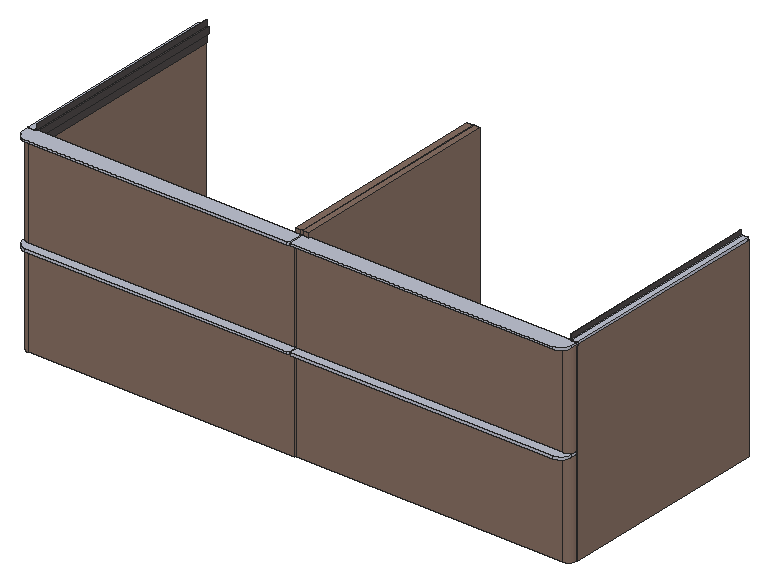
Revit family "vanity unit with 4 drawers for consoles with bowl", category Furniture, Revit 2019 (continued)
Definition of nested family "vanity unit 1560_550 with 4 drawers for consoles with bowl-54093700-dark walnut-matt_white-400_content"
  Forms (mm)
    Extrusion 12, solid, visible <- "ContentVisible", detail levels medium+fine
      sketch origin (0, 0, 245) x (1, 0, 0) y (0, 1, 0)
        loop
          arc (-780, -532) -> (-774.435, -545.435) -> (-761, -551) r 19
          line (-761, -551) -> (-2.5, -551)
          arc (-2.5, -551) -> (-1.793, -550.707) -> (-1.5, -550) r 1
          line (-1.5, -550) -> (-1.5, -530) -> (-780, -530) -> (-780, -532)
      from 0 to 235
    Extrusion 13, solid, visible <- "ContentVisible", detail levels medium+fine
      sketch origin (0, 0, 245) x (1, 0, 0) y (0, 1, 0)
        loop
          arc (1.5, -550) -> (1.793, -550.707) -> (2.5, -551) r 1
          line (2.5, -551) -> (761, -551)
          arc (761, -551) -> (774.435, -545.435) -> (780, -532) r 19
          line (780, -532) -> (780, -530) -> (1.5, -530) -> (1.5, -550)
      from 0 to 235
    Extrusion 14, solid, visible <- "ContentVisible", detail levels medium+fine
      sketch origin (0, 0, 480) x (1, 0, 0) y (0, 1, 0)
        loop
          line (-778.5, -530) -> (-778.5, -546)
          arc (-778.5, -546) -> (-771.178, -563.678) -> (-753.5, -571) r 25
          line (-753.5, -571) -> (-4.5, -571)
          arc (-4.5, -571) -> (-2.379, -570.121) -> (-1.5, -568) r 3
          line (-1.5, -568) -> (-1.5, -528.5) -> (-758.5, -528.5) -> (-758.5, -530) -> (-778.5, -530)
      from 0 to 5
    Extrusion 15, solid, visible <- "ContentVisible", detail levels medium+fine
      sketch origin (0, 0, 480) x (1, 0, 0) y (0, 1, 0)
        loop
          arc (1.5, -568) -> (2.379, -570.121) -> (4.5, -571) r 3
          line (4.5, -571) -> (753.5, -571)
          arc (753.5, -571) -> (771.178, -563.678) -> (778.5, -546) r 25
          line (778.5, -546) -> (778.5, -530) -> (758.5, -530) -> (758.5, -528.5) -> (1.5, -528.5) -> (1.5, -568)
      from 0 to 5
    Extrusion 16, solid, visible <- "ContentVisible", detail levels medium+fine
      sketch origin (-1.5, 0, 0) x (0, 0, -1) y (0, 1, 0)
        loop
          line (-480, -528.5) -> (-480, -530) -> (-450, -530) -> (-450, -528.5) -> (-480, -528.5)
      from -764 to 764
    Extrusion 17, solid, visible <- "ContentVisible", detail levels medium+fine
      sketch origin (-1.5, 0, 0) x (0, 0, -1) y (0, 1, 0)
        loop
          line (-242, -528.5) -> (-242, -530) -> (-212, -530) -> (-212, -528.5) -> (-242, -528.5)
      from -764 to 764
    Extrusion 18, solid, visible <- "ContentVisible", detail levels medium+fine
      sketch origin (1.5, 0, 0) x (0, 0, -1) y (0, 1, 0)
        loop
          line (-480, -528.5) -> (-480, -530) -> (-450, -530) -> (-450, -528.5) -> (-480, -528.5)
      from 0 to 764
    Extrusion 19, solid, visible <- "ContentVisible", detail levels medium+fine
      sketch origin (0, 0, 0) x (1, 0, 0) y (0, 0, -1)
        loop
          line (-764, -447) -> (-764, -485) -> (-762.5, -485) -> (-762.5, -447) -> (-764, -447)
      from -528.5 to 0
    Extrusion 20, solid, visible <- "ContentVisible", detail levels medium+fine
      sketch origin (0, 0, 0) x (1, 0, 0) y (0, 0, -1)
        loop
          line (762.5, -446.8) -> (762.5, -485) -> (764, -485) -> (764, -446.8) -> (762.5, -446.8)
      from -528.5 to 0
    Extrusion 21, solid, visible <- "ContentVisible", detail levels medium+fine
      sketch origin (0, 0, 480) x (1, 0, 0) y (0, 1, 0)
        loop
          line (-780, -3) -> (-780, -527)
          arc (-780, -527) -> (-779.121, -529.121) -> (-777, -530) r 3
          line (-777, -530) -> (-764, -530) -> (-764, 0) -> (-777, 0)
          arc (-777, 0) -> (-779.121, -0.879) -> (-780, -3) r 3
      from 0 to 5
    Extrusion 22, solid, visible <- "ContentVisible", detail levels medium+fine
      sketch origin (0, 0, 480) x (1, 0, 0) y (0, 1, 0)
        loop
          line (764, 0) -> (764, -530) -> (777, -530)
          arc (777, -530) -> (779.121, -529.121) -> (780, -527) r 3
          line (780, -527) -> (780, -3)
          arc (780, -3) -> (779.121, -0.879) -> (777, 0) r 3
          line (777, 0) -> (764, 0)
      from 0 to 5
    Extrusion 23, solid, visible <- "ContentVisible", detail levels medium+fine
      sketch origin (0, 0, 0) x (1, 0, 0) y (0, 0, -1)
        loop
          line (-762.5, -447) -> (-762.5, -496) -> (-761, -496) -> (-761, -483) -> (-756.4, -483) -> (-756.4, -468.5) -> (-761, -468.5) -> (-761, -447) -> (-762.5, -447)
      from -525 to 0
    Extrusion 24, solid, visible <- "ContentVisible", detail levels medium+fine
      sketch origin (0, 0, 0) x (1, 0, 0) y (0, 0, -1)
        loop
          line (756.4, -468.5) -> (756.4, -483) -> (761, -483) -> (761, -496) -> (762.5, -496) -> (762.5, -447) -> (761, -447) -> (761, -468.5) -> (756.4, -468.5)
      from -525 to 0
    Extrusion 25, solid, visible <- "ContentVisible", detail levels coarse
      sketch origin (0, -285.5, 0) x (1, 0, 0) y (0, 1, 0)
        loop
          line (-780, -285.5) -> (780, -285.5) -> (780, 285.5) -> (-780, 285.5) -> (-780, -285.5)
      from 0 to 496
  Dimensions and locks
    aligned and locked: level to plane 2
Types (48, lengths in mm): name | WEIGHT | Vanity unit 1560_550 with 4 drawers for consoles with bowl-54093700-Dark Walnut-MATT_WHITE-400_RX0RY0RZ0TX0TY0TZ0_V | Vanity unit 1560_550 with 4 drawers for consoles with bowl-54093700-Dark Walnut-MATT_WHITE-200_RX0RY0RZ0TX0TY0TZ0_V | Vanity unit 1560_550 with 4 drawers for consoles with bowl-54093670-Dark Walnut-MATT_BLACK-400_RX0RY0RZ0TX0TY0TZ0_V | Vanity unit 1560_550 with 4 drawers for consoles with bowl-54093670-Dark Walnut-MATT_BLACK-200_RX0RY0RZ0TX0TY0TZ0_V | Vanity unit 1560_550 with 4 drawers for consoles with bowl-54093000-Dark Walnut-CHROME-400_RX0RY0RZ0TX0TY0TZ0_V | Vanity unit 1560_550 with 4 drawers for consoles with bowl-54093000-Dark Walnut-CHROME-200_RX0RY0RZ0TX0TY0TZ0_V | Vanity unit 1560_550 with 4 drawers for consoles with bowl-54092700-Natural Oak-MATT_WHITE-400_RX0RY0RZ0TX0TY0TZ0_V | Vanity unit 1560_550 with 4 drawers for consoles with bowl-54092700-Natural Oak-MATT_WHITE-200_RX0RY0RZ0TX0TY0TZ0_V | Vanity unit 1560_550 with 4 drawers for consoles with bowl-54092670-Natural Oak-MATT_BLACK-400_RX0RY0RZ0TX0TY0TZ0_V | Vanity unit 1560_550 with 4 drawers for consoles with bowl-54092670-Natural Oak-MATT_BLACK-200_RX0RY0RZ0TX0TY0TZ0_V | Vanity unit 1560_550 with 4 drawers for consoles with bowl-54092000-Natural Oak-CHROME-400_RX0RY0RZ0TX0TY0TZ0_V | Vanity unit 1560_550 with 4 drawers for consoles with bowl-54092000-Natural Oak-CHROME-200_RX0RY0RZ0TX0TY0TZ0_V | Vanity unit 1560_550 with 4 drawers for consoles with bowl-54091700-Diamond Matt Grey-MATT_WHITE-400_RX0RY0RZ0TX0TY0TZ0_V | Vanity unit 1560_550 with 4 drawers for consoles with bowl-54091700-Diamond Matt Grey-MATT_WHITE-200_RX0RY0RZ0TX0TY0TZ0_V | Vanity unit 1560_550 with 4 drawers for consoles with bowl-54091670-Diamond Matt Grey-MATT_BLACK-400_RX0RY0RZ0TX0TY0TZ0_V | Vanity unit 1560_550 with 4 drawers for consoles with bowl-54091670-Diamond Matt Grey-MATT_BLACK-200_RX0RY0RZ0TX0TY0TZ0_V | Vanity unit 1560_550 with 4 drawers for consoles with bowl-54091000-Diamond Matt Grey-CHROME-400_RX0RY0RZ0TX0TY0TZ0_V | Vanity unit 1560_550 with 4 drawers for consoles with bowl-54091000-Diamond Matt Grey-CHROME-200_RX0RY0RZ0TX0TY0TZ0_V | Vanity unit 1560_550 with 4 drawers for consoles with bowl-54090700-High Gloss White-MATT_WHITE-400_RX0RY0RZ0TX0TY0TZ0_V | Vanity unit 1560_550 with 4 drawers for consoles with bowl-54090700-High Gloss White-MATT_WHITE-200_RX0RY0RZ0TX0TY0TZ0_V | Vanity unit 1560_550 with 4 drawers for consoles with bowl-54090670-High Gloss White-MATT_BLACK-400_RX0RY0RZ0TX0TY0TZ0_V | Vanity unit 1560_550 with 4 drawers for consoles with bowl-54090670-High Gloss White-MATT_BLACK-200_RX0RY0RZ0TX0TY0TZ0_V | Vanity unit 1560_550 with 4 drawers for consoles with bowl-54090000-High Gloss White-CHROME-400_RX0RY0RZ0TX0TY0TZ0_V | Vanity unit 1560_550 with 4 drawers for consoles with bowl-54090000-High Gloss White-CHROME-200_RX0RY0RZ0TX0TY0TZ0_V | Vanity unit 1360_550 with 4 drawers for consoles with bowl-54089700-Dark Walnut-MATT_WHITE-400_RX0RY0RZ0TX0TY0TZ0_V | Vanity unit 1360_550 with 4 drawers for consoles with bowl-54089700-Dark Walnut-MATT_WHITE-200_RX0RY0RZ0TX0TY0TZ0_V | Vanity unit 1360_550 with 4 drawers for consoles with bowl-54089670-Dark Walnut-MATT_BLACK-400_RX0RY0RZ0TX0TY0TZ0_V | Vanity unit 1360_550 with 4 drawers for consoles with bowl-54089670-Dark Walnut-MATT_BLACK-200_RX0RY0RZ0TX0TY0TZ0_V | Vanity unit 1360_550 with 4 drawers for consoles with bowl-54089000-Dark Walnut-CHROME-400_RX0RY0RZ0TX0TY0TZ0_V | Vanity unit 1360_550 with 4 drawers for consoles with bowl-54089000-Dark Walnut-CHROME-200_RX0RY0RZ0TX0TY0TZ0_V | Vanity unit 1360_550 with 4 drawers for consoles with bowl-54088700-Natural Oak-MATT_WHITE-400_RX0RY0RZ0TX0TY0TZ0_V | Vanity unit 1360_550 with 4 drawers for consoles with bowl-54088700-Natural Oak-MATT_WHITE-200_RX0RY0RZ0TX0TY0TZ0_V | Vanity unit 1360_550 with 4 drawers for consoles with bowl-54088670-Natural Oak-MATT_BLACK-400_RX0RY0RZ0TX0TY0TZ0_V | Vanity unit 1360_550 with 4 drawers for consoles with bowl-54088670-Natural Oak-MATT_BLACK-200_RX0RY0RZ0TX0TY0TZ0_V | Vanity unit 1360_550 with 4 drawers for consoles with bowl-54088000-Natural Oak-CHROME-400_RX0RY0RZ0TX0TY0TZ0_V | Vanity unit 1360_550 with 4 drawers for consoles with bowl-54088000-Natural Oak-CHROME-200_RX0RY0RZ0TX0TY0TZ0_V | Vanity unit 1360_550 with 4 drawers for consoles with bowl-54087700-Diamond Matt Grey-MATT_WHITE-400_RX0RY0RZ0TX0TY0TZ0_V | Vanity unit 1360_550 with 4 drawers for consoles with bowl-54087700-Diamond Matt Grey-MATT_WHITE-200_RX0RY0RZ0TX0TY0TZ0_V | Vanity unit 1360_550 with 4 drawers for consoles with bowl-54087670-Diamond Matt Grey-MATT_BLACK-400_RX0RY0RZ0TX0TY0TZ0_V | Vanity unit 1360_550 with 4 drawers for consoles with bowl-54087670-Diamond Matt Grey-MATT_BLACK-200_RX0RY0RZ0TX0TY0TZ0_V | Vanity unit 1360_550 with 4 drawers for consoles with bowl-54087000-Diamond Matt Grey-CHROME-400_RX0RY0RZ0TX0TY0TZ0_V | Vanity unit 1360_550 with 4 drawers for consoles with bowl-54087000-Diamond Matt Grey-CHROME-200_RX0RY0RZ0TX0TY0TZ0_V | Vanity unit 1360_550 with 4 drawers for consoles with bowl-54086700-High Gloss White-MATT_WHITE-400_RX0RY0RZ0TX0TY0TZ0_V | Vanity unit 1360_550 with 4 drawers for consoles with bowl-54086700-High Gloss White-MATT_WHITE-200_RX0RY0RZ0TX0TY0TZ0_V | Vanity unit 1360_550 with 4 drawers for consoles with bowl-54086670-High Gloss White-MATT_BLACK-400_RX0RY0RZ0TX0TY0TZ0_V | Vanity unit 1360_550 with 4 drawers for consoles with bowl-54086670-High Gloss White-MATT_BLACK-200_RX0RY0RZ0TX0TY0TZ0_V | Vanity unit 1360_550 with 4 drawers for consoles with bowl-54086000-High Gloss White-CHROME-400_RX0RY0RZ0TX0TY0TZ0_V | Vanity unit 1360_550 with 4 drawers for consoles with bowl-54086000-High Gloss White-CHROME-200_RX0RY0RZ0TX0TY0TZ0_V | SURFACE | PRODUCTURL | PERMALINK | OBERFLAECHE | NB | NAME | Model | MIdent | LODLEVEL | LINA | L | GTINCODE | BASENUMBER | ARTNR
  Vanity unit 1360_550 with 4 drawers for consoles with bowl-54086000-High Gloss White-CHROME-200 | "55.8" | no | no | no | no | no | no | no | no | no | no | no | no | no | no | no | no | no | no | no | no | no | no | no | no | no | no | no | no | no | no | no | no | no | no | no | no | no | no | no | no | no | no | no | no | no | no | no | yes | "CHROME" | "https://pro.hansgrohe.com/articledetail--54086000" | "54086XXX" | "High Gloss White" | "Vanity unit 1360/550 with 4 drawers for consoles with bowl-54086000-High Gloss White-CHROME-200" | "Xelu Q Vanity unit High Gloss White 1360/550 with 4 drawers for consoles with bowl" | "Vanity unit 1360/550 with 4 drawers for consoles with bowl-54086000-High Gloss White-CHROME-200" | "{$CADENAS_DATA/23d-libs/hansgrohe/xelu_furniture/vanity_unit_4_drawers_for_consoles_with_bowl/vanity_unit_4_drawers_for_consoles_with_bowl.prj},381 {VTYP=3D},{NB=Vanity unit 1360/550 with 4 drawers for consoles with bowl-54086000-High Gloss White-CHROME-200},{LINA=Vanity unit 1360/550 with 4 drawers for consoles with bowl-54086000-High Gloss White-CHROME-200},{NN=Vanity Unit with 4 Drawers for consoles with bowl},{DATE=13.03.2023 02:42:39},{GEOMDATE=08.03.2023 13:55:36},{VERSION=},{LINEID=10},{WBVAR=LODLEVEL},{WBNUMERIC=}  {NB=Vanity unit 1360/550 with 4 drawers for consoles with bowl-54086000-High Gloss White-CHROME-200},{LINA=Vanity unit 1360/550 with 4 drawers for consoles with bowl-54086000-High Gloss White-CHROME-200},{KT=DUMMY},{IDNR=1},{ARTNR=54086000},{BASENUMBER=Vanity unit 1360/550 with 4 drawers for consoles with bowl},{MODEL=54086XXX},{OBERFLAECHE=High Gloss White},{SURFACE=CHROME},{L=1360},{LODLEVEL=200},{LODLEVELX='400','400','200','200'},{NAME=Xelu Q Vanity unit High Gloss White 1360/550 with 4 drawers for consoles with bowl},{PERMALINK=54086XXX},{OBJECTTYPE=Object (single object)},{BIMOBJECT=Sanitary: Compound units},{PRODUCTFAMILY=Xelu Q},{PRODUCTGROUP=vanity unit},{WEIGHT=55.8},{DESCRIPTION=Xelu Q Vanity unit High Gloss White 1360/550 with 4 drawers for consoles with bowl},{SPECIFICATION=},{PRODUCTURL=https://pro.hansgrohe.com/articledetail--54086000},{GTINCODE=4059625456972},{TENDERURL=},{IFC=Furnishing element},{ETIM=EC011381 | Bathroom furniture set},{UNICLASS2015=Pr_40_30_78_05 | Bathroom furniture},{OMNICLASS=23-21 19 15 33 13 | Residential Bathroom Specialty Casework},{MASTERFORMAT=12 35 30.23 | Bathroom Casework},{UNSPSC=56 | Furniture and Furnishings},{UNIFORMATII=E2010 | Fixed Furnishings},{DESIGN=Germany},{MANUFACTURER=Germany},{REGIONSET=Worldwide}" | "200" | "Vanity unit 1360/550 with 4 drawers for consoles with bowl-54086000-High Gloss White-CHROME-200" | 1360 | "4059625456972" | "Vanity unit 1360/550 with 4 drawers for consoles with bowl" | "54086000"
  Vanity unit 1360_550 with 4 drawers for consoles with bowl-54086000-High Gloss White-CHROME-400 | "55.8" | no | no | no | no | no | no | no | no | no | no | no | no | no | no | no | no | no | no | no | no | no | no | no | no | no | no | no | no | no | no | no | no | no | no | no | no | no | no | no | no | no | no | no | no | no | no | yes | no | "CHROME" | "https://pro.hansgrohe.com/articledetail--54086000" | "54086XXX" | "High Gloss White" | "Vanity unit 1360/550 with 4 drawers for consoles with bowl-54086000-High Gloss White-CHROME-400" | "Xelu Q Vanity unit High Gloss White 1360/550 with 4 drawers for consoles with bowl" | "Vanity unit 1360/550 with 4 drawers for consoles with bowl-54086000-High Gloss White-CHROME-400" | "{$CADENAS_DATA/23d-libs/hansgrohe/xelu_furniture/vanity_unit_4_drawers_for_consoles_with_bowl/vanity_unit_4_drawers_for_consoles_with_bowl.prj},381 {VTYP=3D},{NB=Vanity unit 1360/550 with 4 drawers for consoles with bowl-54086000-High Gloss White-CHROME-400},{LINA=Vanity unit 1360/550 with 4 drawers for consoles with bowl-54086000-High Gloss White-CHROME-400},{NN=Vanity Unit with 4 Drawers for consoles with bowl},{DATE=13.03.2023 02:42:39},{GEOMDATE=08.03.2023 13:55:36},{VERSION=},{LINEID=10},{WBVAR=LODLEVEL},{WBNUMERIC=}  {NB=Vanity unit 1360/550 with 4 drawers for consoles with bowl-54086000-High Gloss White-CHROME-400},{LINA=Vanity unit 1360/550 with 4 drawers for consoles with bowl-54086000-High Gloss White-CHROME-400},{KT=DUMMY},{IDNR=1},{ARTNR=54086000},{BASENUMBER=Vanity unit 1360/550 with 4 drawers for consoles with bowl},{MODEL=54086XXX},{OBERFLAECHE=High Gloss White},{SURFACE=CHROME},{L=1360},{LODLEVEL=400},{LODLEVELX='400','400','200','200'},{NAME=Xelu Q Vanity unit High Gloss White 1360/550 with 4 drawers for consoles with bowl},{PERMALINK=54086XXX},{OBJECTTYPE=Object (single object)},{BIMOBJECT=Sanitary: Compound units},{PRODUCTFAMILY=Xelu Q},{PRODUCTGROUP=vanity unit},{WEIGHT=55.8},{DESCRIPTION=Xelu Q Vanity unit High Gloss White 1360/550 with 4 drawers for consoles with bowl},{SPECIFICATION=},{PRODUCTURL=https://pro.hansgrohe.com/articledetail--54086000},{GTINCODE=4059625456972},{TENDERURL=},{IFC=Furnishing element},{ETIM=EC011381 | Bathroom furniture set},{UNICLASS2015=Pr_40_30_78_05 | Bathroom furniture},{OMNICLASS=23-21 19 15 33 13 | Residential Bathroom Specialty Casework},{MASTERFORMAT=12 35 30.23 | Bathroom Casework},{UNSPSC=56 | Furniture and Furnishings},{UNIFORMATII=E2010 | Fixed Furnishings},{DESIGN=Germany},{MANUFACTURER=Germany},{REGIONSET=Worldwide}" | "400" | "Vanity unit 1360/550 with 4 drawers for consoles with bowl-54086000-High Gloss White-CHROME-400" | 1360 | "4059625456972" | "Vanity unit 1360/550 with 4 drawers for consoles with bowl" | "54086000"
  Vanity unit 1360_550 with 4 drawers for consoles with bowl-54086670-High Gloss White-MATT_BLACK-200 | "55.8" | no | no | no | no | no | no | no | no | no | no | no | no | no | no | no | no | no | no | no | no | no | no | no | no | no | no | no | no | no | no | no | no | no | no | no | no | no | no | no | no | no | no | no | no | no | yes | no | no | "MATT_BLACK" | "https://pro.hansgrohe.com/articledetail--54086000" | "54086XXX" | "High Gloss White" | "Vanity unit 1360/550 with 4 drawers for consoles with bowl-54086670-High Gloss White-MATT_BLACK-200" | "Xelu Q Vanity unit High Gloss White 1360/550 with 4 drawers for consoles with bowl" | "Vanity unit 1360/550 with 4 drawers for consoles with bowl-54086670-High Gloss White-MATT_BLACK-200" | "{$CADENAS_DATA/23d-libs/hansgrohe/xelu_furniture/vanity_unit_4_drawers_for_consoles_with_bowl/vanity_unit_4_drawers_for_consoles_with_bowl.prj},389 {VTYP=3D},{NB=Vanity unit 1360/550 with 4 drawers for consoles with bowl-54086670-High Gloss White-MATT_BLACK-200},{LINA=Vanity unit 1360/550 with 4 drawers for consoles with bowl-54086670-High Gloss White-MATT_BLACK-200},{NN=Vanity Unit with 4 Drawers for consoles with bowl},{DATE=13.03.2023 02:42:39},{GEOMDATE=08.03.2023 13:55:36},{VERSION=},{LINEID=20},{WBVAR=LODLEVEL},{WBNUMERIC=}  {NB=Vanity unit 1360/550 with 4 drawers for consoles with bowl-54086670-High Gloss White-MATT_BLACK-200},{LINA=Vanity unit 1360/550 with 4 drawers for consoles with bowl-54086670-High Gloss White-MATT_BLACK-200},{KT=DUMMY},{IDNR=2},{ARTNR=54086670},{BASENUMBER=Vanity unit 1360/550 with 4 drawers for consoles with bowl},{MODEL=54086XXX},{OBERFLAECHE=High Gloss White},{SURFACE=MATT_BLACK},{L=1360},{LODLEVEL=200},{LODLEVELX='400','400','200','200'},{NAME=Xelu Q Vanity unit High Gloss White 1360/550 with 4 drawers for consoles with bowl},{PERMALINK=54086XXX},{OBJECTTYPE=Object (single object)},{BIMOBJECT=Sanitary: Compound units},{PRODUCTFAMILY=Xelu Q},{PRODUCTGROUP=vanity unit},{WEIGHT=55.8},{DESCRIPTION=Xelu Q Vanity unit High Gloss White 1360/550 with 4 drawers for consoles with bowl},{SPECIFICATION=},{PRODUCTURL=https://pro.hansgrohe.com/articledetail--54086000},{GTINCODE=4059625456972},{TENDERURL=},{IFC=Furnishing element},{ETIM=EC011381 | Bathroom furniture set},{UNICLASS2015=Pr_40_30_78_05 | Bathroom furniture},{OMNICLASS=23-21 19 15 33 13 | Residential Bathroom Specialty Casework},{MASTERFORMAT=12 35 30.23 | Bathroom Casework},{UNSPSC=56 | Furniture and Furnishings},{UNIFORMATII=E2010 | Fixed Furnishings},{DESIGN=Germany},{MANUFACTURER=Germany},{REGIONSET=Worldwide}" | "200" | "Vanity unit 1360/550 with 4 drawers for consoles with bowl-54086670-High Gloss White-MATT_BLACK-200" | 1360 | "4059625456972" | "Vanity unit 1360/550 with 4 drawers for consoles with bowl" | "54086670"
  Vanity unit 1360_550 with 4 drawers for consoles with bowl-54086670-High Gloss White-MATT_BLACK-400 | "55.8" | no | no | no | no | no | no | no | no | no | no | no | no | no | no | no | no | no | no | no | no | no | no | no | no | no | no | no | no | no | no | no | no | no | no | no | no | no | no | no | no | no | no | no | no | yes | no | no | no | "MATT_BLACK" | "https://pro.hansgrohe.com/articledetail--54086000" | "54086XXX" | "High Gloss White" | "Vanity unit 1360/550 with 4 drawers for consoles with bowl-54086670-High Gloss White-MATT_BLACK-400" | "Xelu Q Vanity unit High Gloss White 1360/550 with 4 drawers for consoles with bowl" | "Vanity unit 1360/550 with 4 drawers for consoles with bowl-54086670-High Gloss White-MATT_BLACK-400" | "{$CADENAS_DATA/23d-libs/hansgrohe/xelu_furniture/vanity_unit_4_drawers_for_consoles_with_bowl/vanity_unit_4_drawers_for_consoles_with_bowl.prj},389 {VTYP=3D},{NB=Vanity unit 1360/550 with 4 drawers for consoles with bowl-54086670-High Gloss White-MATT_BLACK-400},{LINA=Vanity unit 1360/550 with 4 drawers for consoles with bowl-54086670-High Gloss White-MATT_BLACK-400},{NN=Vanity Unit with 4 Drawers for consoles with bowl},{DATE=13.03.2023 02:42:39},{GEOMDATE=08.03.2023 13:55:36},{VERSION=},{LINEID=20},{WBVAR=LODLEVEL},{WBNUMERIC=}  {NB=Vanity unit 1360/550 with 4 drawers for consoles with bowl-54086670-High Gloss White-MATT_BLACK-400},{LINA=Vanity unit 1360/550 with 4 drawers for consoles with bowl-54086670-High Gloss White-MATT_BLACK-400},{KT=DUMMY},{IDNR=2},{ARTNR=54086670},{BASENUMBER=Vanity unit 1360/550 with 4 drawers for consoles with bowl},{MODEL=54086XXX},{OBERFLAECHE=High Gloss White},{SURFACE=MATT_BLACK},{L=1360},{LODLEVEL=400},{LODLEVELX='400','400','200','200'},{NAME=Xelu Q Vanity unit High Gloss White 1360/550 with 4 drawers for consoles with bowl},{PERMALINK=54086XXX},{OBJECTTYPE=Object (single object)},{BIMOBJECT=Sanitary: Compound units},{PRODUCTFAMILY=Xelu Q},{PRODUCTGROUP=vanity unit},{WEIGHT=55.8},{DESCRIPTION=Xelu Q Vanity unit High Gloss White 1360/550 with 4 drawers for consoles with bowl},{SPECIFICATION=},{PRODUCTURL=https://pro.hansgrohe.com/articledetail--54086000},{GTINCODE=4059625456972},{TENDERURL=},{IFC=Furnishing element},{ETIM=EC011381 | Bathroom furniture set},{UNICLASS2015=Pr_40_30_78_05 | Bathroom furniture},{OMNICLASS=23-21 19 15 33 13 | Residential Bathroom Specialty Casework},{MASTERFORMAT=12 35 30.23 | Bathroom Casework},{UNSPSC=56 | Furniture and Furnishings},{UNIFORMATII=E2010 | Fixed Furnishings},{DESIGN=Germany},{MANUFACTURER=Germany},{REGIONSET=Worldwide}" | "400" | "Vanity unit 1360/550 with 4 drawers for consoles with bowl-54086670-High Gloss White-MATT_BLACK-400" | 1360 | "4059625456972" | "Vanity unit 1360/550 with 4 drawers for consoles with bowl" | "54086670"
  Vanity unit 1360_550 with 4 drawers for consoles with bowl-54086700-High Gloss White-MATT_WHITE-200 | "55.8" | no | no | no | no | no | no | no | no | no | no | no | no | no | no | no | no | no | no | no | no | no | no | no | no | no | no | no | no | no | no | no | no | no | no | no | no | no | no | no | no | no | no | no | yes | no | no | no | no | "MATT_WHITE" | "https://pro.hansgrohe.com/articledetail--54086000" | "54086XXX" | "High Gloss White" | "Vanity unit 1360/550 with 4 drawers for consoles with bowl-54086700-High Gloss White-MATT_WHITE-200" | "Xelu Q Vanity unit High Gloss White 1360/550 with 4 drawers for consoles with bowl" | "Vanity unit 1360/550 with 4 drawers for consoles with bowl-54086700-High Gloss White-MATT_WHITE-200" | "{$CADENAS_DATA/23d-libs/hansgrohe/xelu_furniture/vanity_unit_4_drawers_for_consoles_with_bowl/vanity_unit_4_drawers_for_consoles_with_bowl.prj},389 {VTYP=3D},{NB=Vanity unit 1360/550 with 4 drawers for consoles with bowl-54086700-High Gloss White-MATT_WHITE-200},{LINA=Vanity unit 1360/550 with 4 drawers for consoles with bowl-54086700-High Gloss White-MATT_WHITE-200},{NN=Vanity Unit with 4 Drawers for consoles with bowl},{DATE=13.03.2023 02:42:39},{GEOMDATE=08.03.2023 13:55:36},{VERSION=},{LINEID=30},{WBVAR=LODLEVEL},{WBNUMERIC=}  {NB=Vanity unit 1360/550 with 4 drawers for consoles with bowl-54086700-High Gloss White-MATT_WHITE-200},{LINA=Vanity unit 1360/550 with 4 drawers for consoles with bowl-54086700-High Gloss White-MATT_WHITE-200},{KT=DUMMY},{IDNR=3},{ARTNR=54086700},{BASENUMBER=Vanity unit 1360/550 with 4 drawers for consoles with bowl},{MODEL=54086XXX},{OBERFLAECHE=High Gloss White},{SURFACE=MATT_WHITE},{L=1360},{LODLEVEL=200},{LODLEVELX='400','400','200','200'},{NAME=Xelu Q Vanity unit High Gloss White 1360/550 with 4 drawers for consoles with bowl},{PERMALINK=54086XXX},{OBJECTTYPE=Object (single object)},{BIMOBJECT=Sanitary: Compound units},{PRODUCTFAMILY=Xelu Q},{PRODUCTGROUP=vanity unit},{WEIGHT=55.8},{DESCRIPTION=Xelu Q Vanity unit High Gloss White 1360/550 with 4 drawers for consoles with bowl},{SPECIFICATION=},{PRODUCTURL=https://pro.hansgrohe.com/articledetail--54086000},{GTINCODE=4059625456972},{TENDERURL=},{IFC=Furnishing element},{ETIM=EC011381 | Bathroom furniture set},{UNICLASS2015=Pr_40_30_78_05 | Bathroom furniture},{OMNICLASS=23-21 19 15 33 13 | Residential Bathroom Specialty Casework},{MASTERFORMAT=12 35 30.23 | Bathroom Casework},{UNSPSC=56 | Furniture and Furnishings},{UNIFORMATII=E2010 | Fixed Furnishings},{DESIGN=Germany},{MANUFACTURER=Germany},{REGIONSET=Worldwide}" | "200" | "Vanity unit 1360/550 with 4 drawers for consoles with bowl-54086700-High Gloss White-MATT_WHITE-200" | 1360 | "4059625456972" | "Vanity unit 1360/550 with 4 drawers for consoles with bowl" | "54086700"
  Vanity unit 1360_550 with 4 drawers for consoles with bowl-54086700-High Gloss White-MATT_WHITE-400 | "55.8" | no | no | no | no | no | no | no | no | no | no | no | no | no | no | no | no | no | no | no | no | no | no | no | no | no | no | no | no | no | no | no | no | no | no | no | no | no | no | no | no | no | no | yes | no | no | no | no | no | "MATT_WHITE" | "https://pro.hansgrohe.com/articledetail--54086000" | "54086XXX" | "High Gloss White" | "Vanity unit 1360/550 with 4 drawers for consoles with bowl-54086700-High Gloss White-MATT_WHITE-400" | "Xelu Q Vanity unit High Gloss White 1360/550 with 4 drawers for consoles with bowl" | "Vanity unit 1360/550 with 4 drawers for consoles with bowl-54086700-High Gloss White-MATT_WHITE-400" | "{$CADENAS_DATA/23d-libs/hansgrohe/xelu_furniture/vanity_unit_4_drawers_for_consoles_with_bowl/vanity_unit_4_drawers_for_consoles_with_bowl.prj},389 {VTYP=3D},{NB=Vanity unit 1360/550 with 4 drawers for consoles with bowl-54086700-High Gloss White-MATT_WHITE-400},{LINA=Vanity unit 1360/550 with 4 drawers for consoles with bowl-54086700-High Gloss White-MATT_WHITE-400},{NN=Vanity Unit with 4 Drawers for consoles with bowl},{DATE=13.03.2023 02:42:39},{GEOMDATE=08.03.2023 13:55:36},{VERSION=},{LINEID=30},{WBVAR=LODLEVEL},{WBNUMERIC=}  {NB=Vanity unit 1360/550 with 4 drawers for consoles with bowl-54086700-High Gloss White-MATT_WHITE-400},{LINA=Vanity unit 1360/550 with 4 drawers for consoles with bowl-54086700-High Gloss White-MATT_WHITE-400},{KT=DUMMY},{IDNR=3},{ARTNR=54086700},{BASENUMBER=Vanity unit 1360/550 with 4 drawers for consoles with bowl},{MODEL=54086XXX},{OBERFLAECHE=High Gloss White},{SURFACE=MATT_WHITE},{L=1360},{LODLEVEL=400},{LODLEVELX='400','400','200','200'},{NAME=Xelu Q Vanity unit High Gloss White 1360/550 with 4 drawers for consoles with bowl},{PERMALINK=54086XXX},{OBJECTTYPE=Object (single object)},{BIMOBJECT=Sanitary: Compound units},{PRODUCTFAMILY=Xelu Q},{PRODUCTGROUP=vanity unit},{WEIGHT=55.8},{DESCRIPTION=Xelu Q Vanity unit High Gloss White 1360/550 with 4 drawers for consoles with bowl},{SPECIFICATION=},{PRODUCTURL=https://pro.hansgrohe.com/articledetail--54086000},{GTINCODE=4059625456972},{TENDERURL=},{IFC=Furnishing element},{ETIM=EC011381 | Bathroom furniture set},{UNICLASS2015=Pr_40_30_78_05 | Bathroom furniture},{OMNICLASS=23-21 19 15 33 13 | Residential Bathroom Specialty Casework},{MASTERFORMAT=12 35 30.23 | Bathroom Casework},{UNSPSC=56 | Furniture and Furnishings},{UNIFORMATII=E2010 | Fixed Furnishings},{DESIGN=Germany},{MANUFACTURER=Germany},{REGIONSET=Worldwide}" | "400" | "Vanity unit 1360/550 with 4 drawers for consoles with bowl-54086700-High Gloss White-MATT_WHITE-400" | 1360 | "4059625456972" | "Vanity unit 1360/550 with 4 drawers for consoles with bowl" | "54086700"
  Vanity unit 1360_550 with 4 drawers for consoles with bowl-54087000-Diamond Matt Grey-CHROME-200 | "55.8" | no | no | no | no | no | no | no | no | no | no | no | no | no | no | no | no | no | no | no | no | no | no | no | no | no | no | no | no | no | no | no | no | no | no | no | no | no | no | no | no | no | yes | no | no | no | no | no | no | "CHROME" | "https://pro.hansgrohe.com/articledetail--54087000" | "54087XXX" | "Diamond Matt Grey" | "Vanity unit 1360/550 with 4 drawers for consoles with bowl-54087000-Diamond Matt Grey-CHROME-200" | "Xelu Q Vanity unit Diamond Matt Grey 1360/550 with 4 drawers for consoles with bowl" | "Vanity unit 1360/550 with 4 drawers for consoles with bowl-54087000-Diamond Matt Grey-CHROME-200" | "{$CADENAS_DATA/23d-libs/hansgrohe/xelu_furniture/vanity_unit_4_drawers_for_consoles_with_bowl/vanity_unit_4_drawers_for_consoles_with_bowl.prj},383 {VTYP=3D},{NB=Vanity unit 1360/550 with 4 drawers for consoles with bowl-54087000-Diamond Matt Grey-CHROME-200},{LINA=Vanity unit 1360/550 with 4 drawers for consoles with bowl-54087000-Diamond Matt Grey-CHROME-200},{NN=Vanity Unit with 4 Drawers for consoles with bowl},{DATE=13.03.2023 02:42:39},{GEOMDATE=08.03.2023 13:55:36},{VERSION=},{LINEID=60},{WBVAR=LODLEVEL},{WBNUMERIC=}  {NB=Vanity unit 1360/550 with 4 drawers for consoles with bowl-54087000-Diamond Matt Grey-CHROME-200},{LINA=Vanity unit 1360/550 with 4 drawers for consoles with bowl-54087000-Diamond Matt Grey-CHROME-200},{KT=DUMMY},{IDNR=6},{ARTNR=54087000},{BASENUMBER=Vanity unit 1360/550 with 4 drawers for consoles with bowl},{MODEL=54087XXX},{OBERFLAECHE=Diamond Matt Grey},{SURFACE=CHROME},{L=1360},{LODLEVEL=200},{LODLEVELX='400','400','200','200'},{NAME=Xelu Q Vanity unit Diamond Matt Grey 1360/550 with 4 drawers for consoles with bowl},{PERMALINK=54087XXX},{OBJECTTYPE=Object (single object)},{BIMOBJECT=Sanitary: Compound units},{PRODUCTFAMILY=Xelu Q},{PRODUCTGROUP=vanity unit},{WEIGHT=55.8},{DESCRIPTION=Xelu Q Vanity unit Diamond Matt Grey 1360/550 with 4 drawers for consoles with bowl},{SPECIFICATION=},{PRODUCTURL=https://pro.hansgrohe.com/articledetail--54087000},{GTINCODE=4059625456941},{TENDERURL=},{IFC=Furnishing element},{ETIM=EC011381 | Bathroom furniture set},{UNICLASS2015=Pr_40_30_78_05 | Bathroom furniture},{OMNICLASS=23-21 19 15 33 13 | Residential Bathroom Specialty Casework},{MASTERFORMAT=12 35 30.23 | Bathroom Casework},{UNSPSC=56 | Furniture and Furnishings},{UNIFORMATII=E2010 | Fixed Furnishings},{DESIGN=Germany},{MANUFACTURER=Germany},{REGIONSET=Worldwide}" | "200" | "Vanity unit 1360/550 with 4 drawers for consoles with bowl-54087000-Diamond Matt Grey-CHROME-200" | 1360 | "4059625456941" | "Vanity unit 1360/550 with 4 drawers for consoles with bowl" | "54087000"
  Vanity unit 1360_550 with 4 drawers for consoles with bowl-54087000-Diamond Matt Grey-CHROME-400 | "55.8" | no | no | no | no | no | no | no | no | no | no | no | no | no | no | no | no | no | no | no | no | no | no | no | no | no | no | no | no | no | no | no | no | no | no | no | no | no | no | no | no | yes | no | no | no | no | no | no | no | "CHROME" | "https://pro.hansgrohe.com/articledetail--54087000" | "54087XXX" | "Diamond Matt Grey" | "Vanity unit 1360/550 with 4 drawers for consoles with bowl-54087000-Diamond Matt Grey-CHROME-400" | "Xelu Q Vanity unit Diamond Matt Grey 1360/550 with 4 drawers for consoles with bowl" | "Vanity unit 1360/550 with 4 drawers for consoles with bowl-54087000-Diamond Matt Grey-CHROME-400" | "{$CADENAS_DATA/23d-libs/hansgrohe/xelu_furniture/vanity_unit_4_drawers_for_consoles_with_bowl/vanity_unit_4_drawers_for_consoles_with_bowl.prj},383 {VTYP=3D},{NB=Vanity unit 1360/550 with 4 drawers for consoles with bowl-54087000-Diamond Matt Grey-CHROME-400},{LINA=Vanity unit 1360/550 with 4 drawers for consoles with bowl-54087000-Diamond Matt Grey-CHROME-400},{NN=Vanity Unit with 4 Drawers for consoles with bowl},{DATE=13.03.2023 02:42:39},{GEOMDATE=08.03.2023 13:55:36},{VERSION=},{LINEID=60},{WBVAR=LODLEVEL},{WBNUMERIC=}  {NB=Vanity unit 1360/550 with 4 drawers for consoles with bowl-54087000-Diamond Matt Grey-CHROME-400},{LINA=Vanity unit 1360/550 with 4 drawers for consoles with bowl-54087000-Diamond Matt Grey-CHROME-400},{KT=DUMMY},{IDNR=6},{ARTNR=54087000},{BASENUMBER=Vanity unit 1360/550 with 4 drawers for consoles with bowl},{MODEL=54087XXX},{OBERFLAECHE=Diamond Matt Grey},{SURFACE=CHROME},{L=1360},{LODLEVEL=400},{LODLEVELX='400','400','200','200'},{NAME=Xelu Q Vanity unit Diamond Matt Grey 1360/550 with 4 drawers for consoles with bowl},{PERMALINK=54087XXX},{OBJECTTYPE=Object (single object)},{BIMOBJECT=Sanitary: Compound units},{PRODUCTFAMILY=Xelu Q},{PRODUCTGROUP=vanity unit},{WEIGHT=55.8},{DESCRIPTION=Xelu Q Vanity unit Diamond Matt Grey 1360/550 with 4 drawers for consoles with bowl},{SPECIFICATION=},{PRODUCTURL=https://pro.hansgrohe.com/articledetail--54087000},{GTINCODE=4059625456941},{TENDERURL=},{IFC=Furnishing element},{ETIM=EC011381 | Bathroom furniture set},{UNICLASS2015=Pr_40_30_78_05 | Bathroom furniture},{OMNICLASS=23-21 19 15 33 13 | Residential Bathroom Specialty Casework},{MASTERFORMAT=12 35 30.23 | Bathroom Casework},{UNSPSC=56 | Furniture and Furnishings},{UNIFORMATII=E2010 | Fixed Furnishings},{DESIGN=Germany},{MANUFACTURER=Germany},{REGIONSET=Worldwide}" | "400" | "Vanity unit 1360/550 with 4 drawers for consoles with bowl-54087000-Diamond Matt Grey-CHROME-400" | 1360 | "4059625456941" | "Vanity unit 1360/550 with 4 drawers for consoles with bowl" | "54087000"
  Vanity unit 1360_550 with 4 drawers for consoles with bowl-54087670-Diamond Matt Grey-MATT_BLACK-200 | "55.8" | no | no | no | no | no | no | no | no | no | no | no | no | no | no | no | no | no | no | no | no | no | no | no | no | no | no | no | no | no | no | no | no | no | no | no | no | no | no | no | yes | no | no | no | no | no | no | no | no | "MATT_BLACK" | "https://pro.hansgrohe.com/articledetail--54087000" | "54087XXX" | "Diamond Matt Grey" | "Vanity unit 1360/550 with 4 drawers for consoles with bowl-54087670-Diamond Matt Grey-MATT_BLACK-200" | "Xelu Q Vanity unit Diamond Matt Grey 1360/550 with 4 drawers for consoles with bowl" | "Vanity unit 1360/550 with 4 drawers for consoles with bowl-54087670-Diamond Matt Grey-MATT_BLACK-200" | "{$CADENAS_DATA/23d-libs/hansgrohe/xelu_furniture/vanity_unit_4_drawers_for_consoles_with_bowl/vanity_unit_4_drawers_for_consoles_with_bowl.prj},391 {VTYP=3D},{NB=Vanity unit 1360/550 with 4 drawers for consoles with bowl-54087670-Diamond Matt Grey-MATT_BLACK-200},{LINA=Vanity unit 1360/550 with 4 drawers for consoles with bowl-54087670-Diamond Matt Grey-MATT_BLACK-200},{NN=Vanity Unit with 4 Drawers for consoles with bowl},{DATE=13.03.2023 02:42:39},{GEOMDATE=08.03.2023 13:55:36},{VERSION=},{LINEID=50},{WBVAR=LODLEVEL},{WBNUMERIC=}  {NB=Vanity unit 1360/550 with 4 drawers for consoles with bowl-54087670-Diamond Matt Grey-MATT_BLACK-200},{LINA=Vanity unit 1360/550 with 4 drawers for consoles with bowl-54087670-Diamond Matt Grey-MATT_BLACK-200},{KT=DUMMY},{IDNR=5},{ARTNR=54087670},{BASENUMBER=Vanity unit 1360/550 with 4 drawers for consoles with bowl},{MODEL=54087XXX},{OBERFLAECHE=Diamond Matt Grey},{SURFACE=MATT_BLACK},{L=1360},{LODLEVEL=200},{LODLEVELX='400','400','200','200'},{NAME=Xelu Q Vanity unit Diamond Matt Grey 1360/550 with 4 drawers for consoles with bowl},{PERMALINK=54087XXX},{OBJECTTYPE=Object (single object)},{BIMOBJECT=Sanitary: Compound units},{PRODUCTFAMILY=Xelu Q},{PRODUCTGROUP=vanity unit},{WEIGHT=55.8},{DESCRIPTION=Xelu Q Vanity unit Diamond Matt Grey 1360/550 with 4 drawers for consoles with bowl},{SPECIFICATION=},{PRODUCTURL=https://pro.hansgrohe.com/articledetail--54087000},{GTINCODE=4059625456941},{TENDERURL=},{IFC=Furnishing element},{ETIM=EC011381 | Bathroom furniture set},{UNICLASS2015=Pr_40_30_78_05 | Bathroom furniture},{OMNICLASS=23-21 19 15 33 13 | Residential Bathroom Specialty Casework},{MASTERFORMAT=12 35 30.23 | Bathroom Casework},{UNSPSC=56 | Furniture and Furnishings},{UNIFORMATII=E2010 | Fixed Furnishings},{DESIGN=Germany},{MANUFACTURER=Germany},{REGIONSET=Worldwide}" | "200" | "Vanity unit 1360/550 with 4 drawers for consoles with bowl-54087670-Diamond Matt Grey-MATT_BLACK-200" | 1360 | "4059625456941" | "Vanity unit 1360/550 with 4 drawers for consoles with bowl" | "54087670"
  Vanity unit 1360_550 with 4 drawers for consoles with bowl-54087670-Diamond Matt Grey-MATT_BLACK-400 | "55.8" | no | no | no | no | no | no | no | no | no | no | no | no | no | no | no | no | no | no | no | no | no | no | no | no | no | no | no | no | no | no | no | no | no | no | no | no | no | no | yes | no | no | no | no | no | no | no | no | no | "MATT_BLACK" | "https://pro.hansgrohe.com/articledetail--54087000" | "54087XXX" | "Diamond Matt Grey" | "Vanity unit 1360/550 with 4 drawers for consoles with bowl-54087670-Diamond Matt Grey-MATT_BLACK-400" | "Xelu Q Vanity unit Diamond Matt Grey 1360/550 with 4 drawers for consoles with bowl" | "Vanity unit 1360/550 with 4 drawers for consoles with bowl-54087670-Diamond Matt Grey-MATT_BLACK-400" | "{$CADENAS_DATA/23d-libs/hansgrohe/xelu_furniture/vanity_unit_4_drawers_for_consoles_with_bowl/vanity_unit_4_drawers_for_consoles_with_bowl.prj},391 {VTYP=3D},{NB=Vanity unit 1360/550 with 4 drawers for consoles with bowl-54087670-Diamond Matt Grey-MATT_BLACK-400},{LINA=Vanity unit 1360/550 with 4 drawers for consoles with bowl-54087670-Diamond Matt Grey-MATT_BLACK-400},{NN=Vanity Unit with 4 Drawers for consoles with bowl},{DATE=13.03.2023 02:42:39},{GEOMDATE=08.03.2023 13:55:36},{VERSION=},{LINEID=50},{WBVAR=LODLEVEL},{WBNUMERIC=}  {NB=Vanity unit 1360/550 with 4 drawers for consoles with bowl-54087670-Diamond Matt Grey-MATT_BLACK-400},{LINA=Vanity unit 1360/550 with 4 drawers for consoles with bowl-54087670-Diamond Matt Grey-MATT_BLACK-400},{KT=DUMMY},{IDNR=5},{ARTNR=54087670},{BASENUMBER=Vanity unit 1360/550 with 4 drawers for consoles with bowl},{MODEL=54087XXX},{OBERFLAECHE=Diamond Matt Grey},{SURFACE=MATT_BLACK},{L=1360},{LODLEVEL=400},{LODLEVELX='400','400','200','200'},{NAME=Xelu Q Vanity unit Diamond Matt Grey 1360/550 with 4 drawers for consoles with bowl},{PERMALINK=54087XXX},{OBJECTTYPE=Object (single object)},{BIMOBJECT=Sanitary: Compound units},{PRODUCTFAMILY=Xelu Q},{PRODUCTGROUP=vanity unit},{WEIGHT=55.8},{DESCRIPTION=Xelu Q Vanity unit Diamond Matt Grey 1360/550 with 4 drawers for consoles with bowl},{SPECIFICATION=},{PRODUCTURL=https://pro.hansgrohe.com/articledetail--54087000},{GTINCODE=4059625456941},{TENDERURL=},{IFC=Furnishing element},{ETIM=EC011381 | Bathroom furniture set},{UNICLASS2015=Pr_40_30_78_05 | Bathroom furniture},{OMNICLASS=23-21 19 15 33 13 | Residential Bathroom Specialty Casework},{MASTERFORMAT=12 35 30.23 | Bathroom Casework},{UNSPSC=56 | Furniture and Furnishings},{UNIFORMATII=E2010 | Fixed Furnishings},{DESIGN=Germany},{MANUFACTURER=Germany},{REGIONSET=Worldwide}" | "400" | "Vanity unit 1360/550 with 4 drawers for consoles with bowl-54087670-Diamond Matt Grey-MATT_BLACK-400" | 1360 | "4059625456941" | "Vanity unit 1360/550 with 4 drawers for consoles with bowl" | "54087670"
  Vanity unit 1360_550 with 4 drawers for consoles with bowl-54087700-Diamond Matt Grey-MATT_WHITE-200 | "55.8" | no | no | no | no | no | no | no | no | no | no | no | no | no | no | no | no | no | no | no | no | no | no | no | no | no | no | no | no | no | no | no | no | no | no | no | no | no | yes | no | no | no | no | no | no | no | no | no | no | "MATT_WHITE" | "https://pro.hansgrohe.com/articledetail--54087000" | "54087XXX" | "Diamond Matt Grey" | "Vanity unit 1360/550 with 4 drawers for consoles with bowl-54087700-Diamond Matt Grey-MATT_WHITE-200" | "Xelu Q Vanity unit Diamond Matt Grey 1360/550 with 4 drawers for consoles with bowl" | "Vanity unit 1360/550 with 4 drawers for consoles with bowl-54087700-Diamond Matt Grey-MATT_WHITE-200" | "{$CADENAS_DATA/23d-libs/hansgrohe/xelu_furniture/vanity_unit_4_drawers_for_consoles_with_bowl/vanity_unit_4_drawers_for_consoles_with_bowl.prj},391 {VTYP=3D},{NB=Vanity unit 1360/550 with 4 drawers for consoles with bowl-54087700-Diamond Matt Grey-MATT_WHITE-200},{LINA=Vanity unit 1360/550 with 4 drawers for consoles with bowl-54087700-Diamond Matt Grey-MATT_WHITE-200},{NN=Vanity Unit with 4 Drawers for consoles with bowl},{DATE=13.03.2023 02:42:39},{GEOMDATE=08.03.2023 13:55:36},{VERSION=},{LINEID=40},{WBVAR=LODLEVEL},{WBNUMERIC=}  {NB=Vanity unit 1360/550 with 4 drawers for consoles with bowl-54087700-Diamond Matt Grey-MATT_WHITE-200},{LINA=Vanity unit 1360/550 with 4 drawers for consoles with bowl-54087700-Diamond Matt Grey-MATT_WHITE-200},{KT=DUMMY},{IDNR=4},{ARTNR=54087700},{BASENUMBER=Vanity unit 1360/550 with 4 drawers for consoles with bowl},{MODEL=54087XXX},{OBERFLAECHE=Diamond Matt Grey},{SURFACE=MATT_WHITE},{L=1360},{LODLEVEL=200},{LODLEVELX='400','400','200','200'},{NAME=Xelu Q Vanity unit Diamond Matt Grey 1360/550 with 4 drawers for consoles with bowl},{PERMALINK=54087XXX},{OBJECTTYPE=Object (single object)},{BIMOBJECT=Sanitary: Compound units},{PRODUCTFAMILY=Xelu Q},{PRODUCTGROUP=vanity unit},{WEIGHT=55.8},{DESCRIPTION=Xelu Q Vanity unit Diamond Matt Grey 1360/550 with 4 drawers for consoles with bowl},{SPECIFICATION=},{PRODUCTURL=https://pro.hansgrohe.com/articledetail--54087000},{GTINCODE=4059625456941},{TENDERURL=},{IFC=Furnishing element},{ETIM=EC011381 | Bathroom furniture set},{UNICLASS2015=Pr_40_30_78_05 | Bathroom furniture},{OMNICLASS=23-21 19 15 33 13 | Residential Bathroom Specialty Casework},{MASTERFORMAT=12 35 30.23 | Bathroom Casework},{UNSPSC=56 | Furniture and Furnishings},{UNIFORMATII=E2010 | Fixed Furnishings},{DESIGN=Germany},{MANUFACTURER=Germany},{REGIONSET=Worldwide}" | "200" | "Vanity unit 1360/550 with 4 drawers for consoles with bowl-54087700-Diamond Matt Grey-MATT_WHITE-200" | 1360 | "4059625456941" | "Vanity unit 1360/550 with 4 drawers for consoles with bowl" | "54087700"
  Vanity unit 1360_550 with 4 drawers for consoles with bowl-54087700-Diamond Matt Grey-MATT_WHITE-400 | "55.8" | no | no | no | no | no | no | no | no | no | no | no | no | no | no | no | no | no | no | no | no | no | no | no | no | no | no | no | no | no | no | no | no | no | no | no | no | yes | no | no | no | no | no | no | no | no | no | no | no | "MATT_WHITE" | "https://pro.hansgrohe.com/articledetail--54087000" | "54087XXX" | "Diamond Matt Grey" | "Vanity unit 1360/550 with 4 drawers for consoles with bowl-54087700-Diamond Matt Grey-MATT_WHITE-400" | "Xelu Q Vanity unit Diamond Matt Grey 1360/550 with 4 drawers for consoles with bowl" | "Vanity unit 1360/550 with 4 drawers for consoles with bowl-54087700-Diamond Matt Grey-MATT_WHITE-400" | "{$CADENAS_DATA/23d-libs/hansgrohe/xelu_furniture/vanity_unit_4_drawers_for_consoles_with_bowl/vanity_unit_4_drawers_for_consoles_with_bowl.prj},391 {VTYP=3D},{NB=Vanity unit 1360/550 with 4 drawers for consoles with bowl-54087700-Diamond Matt Grey-MATT_WHITE-400},{LINA=Vanity unit 1360/550 with 4 drawers for consoles with bowl-54087700-Diamond Matt Grey-MATT_WHITE-400},{NN=Vanity Unit with 4 Drawers for consoles with bowl},{DATE=13.03.2023 02:42:39},{GEOMDATE=08.03.2023 13:55:36},{VERSION=},{LINEID=40},{WBVAR=LODLEVEL},{WBNUMERIC=}  {NB=Vanity unit 1360/550 with 4 drawers for consoles with bowl-54087700-Diamond Matt Grey-MATT_WHITE-400},{LINA=Vanity unit 1360/550 with 4 drawers for consoles with bowl-54087700-Diamond Matt Grey-MATT_WHITE-400},{KT=DUMMY},{IDNR=4},{ARTNR=54087700},{BASENUMBER=Vanity unit 1360/550 with 4 drawers for consoles with bowl},{MODEL=54087XXX},{OBERFLAECHE=Diamond Matt Grey},{SURFACE=MATT_WHITE},{L=1360},{LODLEVEL=400},{LODLEVELX='400','400','200','200'},{NAME=Xelu Q Vanity unit Diamond Matt Grey 1360/550 with 4 drawers for consoles with bowl},{PERMALINK=54087XXX},{OBJECTTYPE=Object (single object)},{BIMOBJECT=Sanitary: Compound units},{PRODUCTFAMILY=Xelu Q},{PRODUCTGROUP=vanity unit},{WEIGHT=55.8},{DESCRIPTION=Xelu Q Vanity unit Diamond Matt Grey 1360/550 with 4 drawers for consoles with bowl},{SPECIFICATION=},{PRODUCTURL=https://pro.hansgrohe.com/articledetail--54087000},{GTINCODE=4059625456941},{TENDERURL=},{IFC=Furnishing element},{ETIM=EC011381 | Bathroom furniture set},{UNICLASS2015=Pr_40_30_78_05 | Bathroom furniture},{OMNICLASS=23-21 19 15 33 13 | Residential Bathroom Specialty Casework},{MASTERFORMAT=12 35 30.23 | Bathroom Casework},{UNSPSC=56 | Furniture and Furnishings},{UNIFORMATII=E2010 | Fixed Furnishings},{DESIGN=Germany},{MANUFACTURER=Germany},{REGIONSET=Worldwide}" | "400" | "Vanity unit 1360/550 with 4 drawers for consoles with bowl-54087700-Diamond Matt Grey-MATT_WHITE-400" | 1360 | "4059625456941" | "Vanity unit 1360/550 with 4 drawers for consoles with bowl" | "54087700"
  Vanity unit 1360_550 with 4 drawers for consoles with bowl-54088000-Natural Oak-CHROME-200 | "55.8" | no | no | no | no | no | no | no | no | no | no | no | no | no | no | no | no | no | no | no | no | no | no | no | no | no | no | no | no | no | no | no | no | no | no | no | yes | no | no | no | no | no | no | no | no | no | no | no | no | "CHROME" | "https://pro.hansgrohe.com/articledetail--54088000" | "54088XXX" | "Natural Oak" | "Vanity unit 1360/550 with 4 drawers for consoles with bowl-54088000-Natural Oak-CHROME-200" | "Xelu Q Vanity unit Natural Oak 1360/550 with 4 drawers for consoles with bowl" | "Vanity unit 1360/550 with 4 drawers for consoles with bowl-54088000-Natural Oak-CHROME-200" | "{$CADENAS_DATA/23d-libs/hansgrohe/xelu_furniture/vanity_unit_4_drawers_for_consoles_with_bowl/vanity_unit_4_drawers_for_consoles_with_bowl.prj},371 {VTYP=3D},{NB=Vanity unit 1360/550 with 4 drawers for consoles with bowl-54088000-Natural Oak-CHROME-200},{LINA=Vanity unit 1360/550 with 4 drawers for consoles with bowl-54088000-Natural Oak-CHROME-200},{NN=Vanity Unit with 4 Drawers for consoles with bowl},{DATE=13.03.2023 02:42:39},{GEOMDATE=08.03.2023 13:55:36},{VERSION=},{LINEID=90},{WBVAR=LODLEVEL},{WBNUMERIC=}  {NB=Vanity unit 1360/550 with 4 drawers for consoles with bowl-54088000-Natural Oak-CHROME-200},{LINA=Vanity unit 1360/550 with 4 drawers for consoles with bowl-54088000-Natural Oak-CHROME-200},{KT=DUMMY},{IDNR=9},{ARTNR=54088000},{BASENUMBER=Vanity unit 1360/550 with 4 drawers for consoles with bowl},{MODEL=54088XXX},{OBERFLAECHE=Natural Oak},{SURFACE=CHROME},{L=1360},{LODLEVEL=200},{LODLEVELX='400','400','200','200'},{NAME=Xelu Q Vanity unit Natural Oak 1360/550 with 4 drawers for consoles with bowl},{PERMALINK=54088XXX},{OBJECTTYPE=Object (single object)},{BIMOBJECT=Sanitary: Compound units},{PRODUCTFAMILY=Xelu Q},{PRODUCTGROUP=vanity unit},{WEIGHT=55.8},{DESCRIPTION=Xelu Q Vanity unit Natural Oak 1360/550 with 4 drawers for consoles with bowl},{SPECIFICATION=},{PRODUCTURL=https://pro.hansgrohe.com/articledetail--54088000},{GTINCODE=4059625456910},{TENDERURL=},{IFC=Furnishing element},{ETIM=EC011381 | Bathroom furniture set},{UNICLASS2015=Pr_40_30_78_05 | Bathroom furniture},{OMNICLASS=23-21 19 15 33 13 | Residential Bathroom Specialty Casework},{MASTERFORMAT=12 35 30.23 | Bathroom Casework},{UNSPSC=56 | Furniture and Furnishings},{UNIFORMATII=E2010 | Fixed Furnishings},{DESIGN=Germany},{MANUFACTURER=Germany},{REGIONSET=Worldwide}" | "200" | "Vanity unit 1360/550 with 4 drawers for consoles with bowl-54088000-Natural Oak-CHROME-200" | 1360 | "4059625456910" | "Vanity unit 1360/550 with 4 drawers for consoles with bowl" | "54088000"
  Vanity unit 1360_550 with 4 drawers for consoles with bowl-54088000-Natural Oak-CHROME-400 | "55.8" | no | no | no | no | no | no | no | no | no | no | no | no | no | no | no | no | no | no | no | no | no | no | no | no | no | no | no | no | no | no | no | no | no | no | yes | no | no | no | no | no | no | no | no | no | no | no | no | no | "CHROME" | "https://pro.hansgrohe.com/articledetail--54088000" | "54088XXX" | "Natural Oak" | "Vanity unit 1360/550 with 4 drawers for consoles with bowl-54088000-Natural Oak-CHROME-400" | "Xelu Q Vanity unit Natural Oak 1360/550 with 4 drawers for consoles with bowl" | "Vanity unit 1360/550 with 4 drawers for consoles with bowl-54088000-Natural Oak-CHROME-400" | "{$CADENAS_DATA/23d-libs/hansgrohe/xelu_furniture/vanity_unit_4_drawers_for_consoles_with_bowl/vanity_unit_4_drawers_for_consoles_with_bowl.prj},371 {VTYP=3D},{NB=Vanity unit 1360/550 with 4 drawers for consoles with bowl-54088000-Natural Oak-CHROME-400},{LINA=Vanity unit 1360/550 with 4 drawers for consoles with bowl-54088000-Natural Oak-CHROME-400},{NN=Vanity Unit with 4 Drawers for consoles with bowl},{DATE=13.03.2023 02:42:39},{GEOMDATE=08.03.2023 13:55:36},{VERSION=},{LINEID=90},{WBVAR=LODLEVEL},{WBNUMERIC=}  {NB=Vanity unit 1360/550 with 4 drawers for consoles with bowl-54088000-Natural Oak-CHROME-400},{LINA=Vanity unit 1360/550 with 4 drawers for consoles with bowl-54088000-Natural Oak-CHROME-400},{KT=DUMMY},{IDNR=9},{ARTNR=54088000},{BASENUMBER=Vanity unit 1360/550 with 4 drawers for consoles with bowl},{MODEL=54088XXX},{OBERFLAECHE=Natural Oak},{SURFACE=CHROME},{L=1360},{LODLEVEL=400},{LODLEVELX='400','400','200','200'},{NAME=Xelu Q Vanity unit Natural Oak 1360/550 with 4 drawers for consoles with bowl},{PERMALINK=54088XXX},{OBJECTTYPE=Object (single object)},{BIMOBJECT=Sanitary: Compound units},{PRODUCTFAMILY=Xelu Q},{PRODUCTGROUP=vanity unit},{WEIGHT=55.8},{DESCRIPTION=Xelu Q Vanity unit Natural Oak 1360/550 with 4 drawers for consoles with bowl},{SPECIFICATION=},{PRODUCTURL=https://pro.hansgrohe.com/articledetail--54088000},{GTINCODE=4059625456910},{TENDERURL=},{IFC=Furnishing element},{ETIM=EC011381 | Bathroom furniture set},{UNICLASS2015=Pr_40_30_78_05 | Bathroom furniture},{OMNICLASS=23-21 19 15 33 13 | Residential Bathroom Specialty Casework},{MASTERFORMAT=12 35 30.23 | Bathroom Casework},{UNSPSC=56 | Furniture and Furnishings},{UNIFORMATII=E2010 | Fixed Furnishings},{DESIGN=Germany},{MANUFACTURER=Germany},{REGIONSET=Worldwide}" | "400" | "Vanity unit 1360/550 with 4 drawers for consoles with bowl-54088000-Natural Oak-CHROME-400" | 1360 | "4059625456910" | "Vanity unit 1360/550 with 4 drawers for consoles with bowl" | "54088000"
  Vanity unit 1360_550 with 4 drawers for consoles with bowl-54088670-Natural Oak-MATT_BLACK-200 | "55.8" | no | no | no | no | no | no | no | no | no | no | no | no | no | no | no | no | no | no | no | no | no | no | no | no | no | no | no | no | no | no | no | no | no | yes | no | no | no | no | no | no | no | no | no | no | no | no | no | no | "MATT_BLACK" | "https://pro.hansgrohe.com/articledetail--54088000" | "54088XXX" | "Natural Oak" | "Vanity unit 1360/550 with 4 drawers for consoles with bowl-54088670-Natural Oak-MATT_BLACK-200" | "Xelu Q Vanity unit Natural Oak 1360/550 with 4 drawers for consoles with bowl" | "Vanity unit 1360/550 with 4 drawers for consoles with bowl-54088670-Natural Oak-MATT_BLACK-200" | "{$CADENAS_DATA/23d-libs/hansgrohe/xelu_furniture/vanity_unit_4_drawers_for_consoles_with_bowl/vanity_unit_4_drawers_for_consoles_with_bowl.prj},379 {VTYP=3D},{NB=Vanity unit 1360/550 with 4 drawers for consoles with bowl-54088670-Natural Oak-MATT_BLACK-200},{LINA=Vanity unit 1360/550 with 4 drawers for consoles with bowl-54088670-Natural Oak-MATT_BLACK-200},{NN=Vanity Unit with 4 Drawers for consoles with bowl},{DATE=13.03.2023 02:42:39},{GEOMDATE=08.03.2023 13:55:36},{VERSION=},{LINEID=80},{WBVAR=LODLEVEL},{WBNUMERIC=}  {NB=Vanity unit 1360/550 with 4 drawers for consoles with bowl-54088670-Natural Oak-MATT_BLACK-200},{LINA=Vanity unit 1360/550 with 4 drawers for consoles with bowl-54088670-Natural Oak-MATT_BLACK-200},{KT=DUMMY},{IDNR=8},{ARTNR=54088670},{BASENUMBER=Vanity unit 1360/550 with 4 drawers for consoles with bowl},{MODEL=54088XXX},{OBERFLAECHE=Natural Oak},{SURFACE=MATT_BLACK},{L=1360},{LODLEVEL=200},{LODLEVELX='400','400','200','200'},{NAME=Xelu Q Vanity unit Natural Oak 1360/550 with 4 drawers for consoles with bowl},{PERMALINK=54088XXX},{OBJECTTYPE=Object (single object)},{BIMOBJECT=Sanitary: Compound units},{PRODUCTFAMILY=Xelu Q},{PRODUCTGROUP=vanity unit},{WEIGHT=55.8},{DESCRIPTION=Xelu Q Vanity unit Natural Oak 1360/550 with 4 drawers for consoles with bowl},{SPECIFICATION=},{PRODUCTURL=https://pro.hansgrohe.com/articledetail--54088000},{GTINCODE=4059625456910},{TENDERURL=},{IFC=Furnishing element},{ETIM=EC011381 | Bathroom furniture set},{UNICLASS2015=Pr_40_30_78_05 | Bathroom furniture},{OMNICLASS=23-21 19 15 33 13 | Residential Bathroom Specialty Casework},{MASTERFORMAT=12 35 30.23 | Bathroom Casework},{UNSPSC=56 | Furniture and Furnishings},{UNIFORMATII=E2010 | Fixed Furnishings},{DESIGN=Germany},{MANUFACTURER=Germany},{REGIONSET=Worldwide}" | "200" | "Vanity unit 1360/550 with 4 drawers for consoles with bowl-54088670-Natural Oak-MATT_BLACK-200" | 1360 | "4059625456910" | "Vanity unit 1360/550 with 4 drawers for consoles with bowl" | "54088670"
  Vanity unit 1360_550 with 4 drawers for consoles with bowl-54088670-Natural Oak-MATT_BLACK-400 | "55.8" | no | no | no | no | no | no | no | no | no | no | no | no | no | no | no | no | no | no | no | no | no | no | no | no | no | no | no | no | no | no | no | no | yes | no | no | no | no | no | no | no | no | no | no | no | no | no | no | no | "MATT_BLACK" | "https://pro.hansgrohe.com/articledetail--54088000" | "54088XXX" | "Natural Oak" | "Vanity unit 1360/550 with 4 drawers for consoles with bowl-54088670-Natural Oak-MATT_BLACK-400" | "Xelu Q Vanity unit Natural Oak 1360/550 with 4 drawers for consoles with bowl" | "Vanity unit 1360/550 with 4 drawers for consoles with bowl-54088670-Natural Oak-MATT_BLACK-400" | "{$CADENAS_DATA/23d-libs/hansgrohe/xelu_furniture/vanity_unit_4_drawers_for_consoles_with_bowl/vanity_unit_4_drawers_for_consoles_with_bowl.prj},379 {VTYP=3D},{NB=Vanity unit 1360/550 with 4 drawers for consoles with bowl-54088670-Natural Oak-MATT_BLACK-400},{LINA=Vanity unit 1360/550 with 4 drawers for consoles with bowl-54088670-Natural Oak-MATT_BLACK-400},{NN=Vanity Unit with 4 Drawers for consoles with bowl},{DATE=13.03.2023 02:42:39},{GEOMDATE=08.03.2023 13:55:36},{VERSION=},{LINEID=80},{WBVAR=LODLEVEL},{WBNUMERIC=}  {NB=Vanity unit 1360/550 with 4 drawers for consoles with bowl-54088670-Natural Oak-MATT_BLACK-400},{LINA=Vanity unit 1360/550 with 4 drawers for consoles with bowl-54088670-Natural Oak-MATT_BLACK-400},{KT=DUMMY},{IDNR=8},{ARTNR=54088670},{BASENUMBER=Vanity unit 1360/550 with 4 drawers for consoles with bowl},{MODEL=54088XXX},{OBERFLAECHE=Natural Oak},{SURFACE=MATT_BLACK},{L=1360},{LODLEVEL=400},{LODLEVELX='400','400','200','200'},{NAME=Xelu Q Vanity unit Natural Oak 1360/550 with 4 drawers for consoles with bowl},{PERMALINK=54088XXX},{OBJECTTYPE=Object (single object)},{BIMOBJECT=Sanitary: Compound units},{PRODUCTFAMILY=Xelu Q},{PRODUCTGROUP=vanity unit},{WEIGHT=55.8},{DESCRIPTION=Xelu Q Vanity unit Natural Oak 1360/550 with 4 drawers for consoles with bowl},{SPECIFICATION=},{PRODUCTURL=https://pro.hansgrohe.com/articledetail--54088000},{GTINCODE=4059625456910},{TENDERURL=},{IFC=Furnishing element},{ETIM=EC011381 | Bathroom furniture set},{UNICLASS2015=Pr_40_30_78_05 | Bathroom furniture},{OMNICLASS=23-21 19 15 33 13 | Residential Bathroom Specialty Casework},{MASTERFORMAT=12 35 30.23 | Bathroom Casework},{UNSPSC=56 | Furniture and Furnishings},{UNIFORMATII=E2010 | Fixed Furnishings},{DESIGN=Germany},{MANUFACTURER=Germany},{REGIONSET=Worldwide}" | "400" | "Vanity unit 1360/550 with 4 drawers for consoles with bowl-54088670-Natural Oak-MATT_BLACK-400" | 1360 | "4059625456910" | "Vanity unit 1360/550 with 4 drawers for consoles with bowl" | "54088670"
